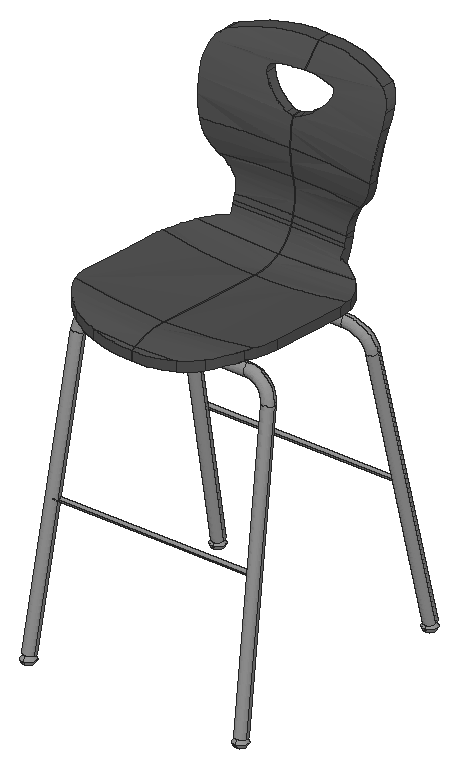
Revit family "Method Stool 28", category Furniture, Revit 2020
Family settings
  OmniClass Number = 23.40.20.00
  OmniClass Title = General Furniture and Specialties
  Work Plane-Based = No
  Always vertical = Yes
  Cut with Voids When Loaded = No
  Shared = No
  Room Calculation Point = No
Parameters
  UK Secondary Seat Count = 1
  UK Primary Seat Count = 1
  Shell Finish [instance] = Chair, Method, Black
  Model = "METHOD-28"
  HS Seat Count = 1
  Frame = Frame, Chrome
  ES Seat Count = 1
  Default Elevation = 0' - 0"
  Cost = 1
Reference planes (in)
  plane 1 "Center Front/Back": y = 0
  plane 2: z = 0
  plane 3 "Center Left/Right": x = 0
Forms (in)
  Sweep 1, solid, material "Frame, Chrome" <- "Frame"
    path origin (0, -7.69148, 12.65713) x (1, 0, 0) y (0, 0.171894, 0.985115)
      loop
        line (-9.125, -12.19302) -> (-8.19273, 11.65993)
        arc (-8.19273, 11.65993) -> (-7.56369, 12.98773) -> (-6.19713, 13.52742) r 2
        line (-6.19713, 13.52742) -> (6.19713, 13.52742)
        arc (6.19713, 13.52742) -> (7.56369, 12.98773) -> (8.19273, 11.65993) r 2
        line (8.19273, 11.65993) -> (9.125, -12.26551)
    profile origin (-8.65887, -7.7373, 12.39456) x (-0.999237, 0.006713, 0.038473) y (0, -0.985115, 0.171894)
      loop
        circle (0, 0) r 0.5
  Sweep 2, solid, material "Frame, Chrome" <- "Frame"
    path origin (0, 8.04601, 11.91985) x (1, 0, 0) y (0, -0.21435, 0.976757)
      loop
        line (-9.12858, -11.57122) -> (-8.19273, 11.65993)
        arc (-8.19273, 11.65993) -> (-7.56369, 12.98773) -> (-6.19713, 13.52742) r 2
        line (-6.19713, 13.52742) -> (6.19713, 13.52742)
        arc (6.19713, 13.52742) -> (7.56369, 12.98773) -> (8.19273, 11.65993) r 2
        line (8.19273, 11.65993) -> (9.13739, -11.57087)
    profile origin (-8.66066, 8.0365, 11.96318) x (-0.99919, -0.008628, 0.039316) y (0, -0.976757, -0.21435)
      loop
        circle (0, 0) r 0.5
  Extrusion 3, solid, material "Frame, Chrome" <- "Frame"
    sketch origin (0, -0.35792, 12.68455) x (0, 1, 0) y (0, 0, 1)
      loop
        line (-5.13786, 13.03186) -> (5.32219, 12.11672) -> (5.52121, 14.39154) -> (-4.98534, 14.7752) -> (-5.13786, 13.03186)
    from -4.1518 to 4.154
  Revolve 4, solid, material "Frame, Chrome" <- "Frame"
    sketch origin (-9.125, -1.16118, 0.00175) x (0, 1, 0) y (0, 0, 1)
      loop
        line (-8.6932, 0.76334) -> (-8.84328, 0.76334) -> (-8.84328, 0.5686) -> (-8.96483, 0.5686) -> (-9.28733, 0.24609) -> (-9.14525, 0) -> (-8.6932, 0) -> (-8.6932, 0.76334)
      axis (-8.6932, 0.76334) -> (-8.6932, 0)
    angle from 0 to 360
  Revolve 5, solid, material "Frame, Chrome" <- "Frame"
    sketch origin (-9.125, 19.22429, 0) x (0, 1, 0) y (0, 0, 1)
      loop
        line (-8.6932, 0.76334) -> (-8.84328, 0.76334) -> (-8.84328, 0.5686) -> (-8.96483, 0.5686) -> (-9.28733, 0.24609) -> (-9.14525, 0) -> (-8.6932, 0) -> (-8.6932, 0.76334)
      axis (-8.6932, 0.76334) -> (-8.6932, 0)
    angle from 0 to 360
  Revolve 6, solid, material "Frame, Chrome" <- "Frame"
    sketch origin (9.125, -1.16118, 0.00175) x (0, 1, 0) y (0, 0, -1)
      loop
        line (-8.6932, -0.76334) -> (-8.6932, 0) -> (-9.14525, 0) -> (-9.28733, -0.24609) -> (-8.96483, -0.5686) -> (-8.84328, -0.5686) -> (-8.84328, -0.76334) -> (-8.6932, -0.76334)
      axis (-8.6932, -0.76334) -> (-8.6932, 0)
    angle from 0 to 360
  Revolve 7, solid, material "Frame, Chrome" <- "Frame"
    sketch origin (9.125, 19.22429, 0) x (0, 1, 0) y (0, 0, -1)
      loop
        line (-8.6932, -0.76334) -> (-8.6932, 0) -> (-9.14525, 0) -> (-9.28733, -0.24609) -> (-8.96483, -0.5686) -> (-8.84328, -0.5686) -> (-8.84328, -0.76334) -> (-8.6932, -0.76334)
      axis (-8.6932, -0.76334) -> (-8.6932, 0)
    angle from 0 to 360
  Extrusion 8, solid, material "Frame, Chrome" <- "Frame"
    sketch origin (0, -7.75, 12) x (0, 1, 0) y (0, 0, 1)
      loop
        circle (0, 0) r 0.1875
    from -8.72489 to 8.5
  Extrusion 9, solid, material "Frame, Chrome" <- "Frame"
    sketch origin (0, 8.5, 12) x (0, 1, 0) y (0, 0, 1)
      loop
        circle (0, 0) r 0.1875
    from -8.72489 to 8.5
  Extrusion 10, void
    sketch origin (0, -0.35792, 13.10982) x (1, 0, 0) y (0, 0, 1)
      loop
        arc (-4.79112, 17.33786) -> (-4.84672, 18.0392) -> (-5.09374, 18.69794) r 2.52397
        arc (-5.09374, 18.69794) -> (-5.54107, 19.37935) -> (-6.09402, 19.97823) r 4.95679
        arc (-6.09402, 19.97823) -> (-6.92367, 21.07062) -> (-7.31977, 22.38391) r 3.86696
        arc (-7.31977, 22.38391) -> (-7.60045, 24.32354) -> (-7.76788, 26.27621) r 33.69585
        arc (-7.76788, 26.27621) -> (-7.7593, 26.8329) -> (-7.67108, 27.38262) r 3.87729
        arc (-7.67108, 27.38262) -> (-7.28239, 28.14164) -> (-6.58485, 28.63219) r 1.77705
        arc (-6.58485, 28.63219) -> (-3.31926, 29.2428) -> (0, 29.38221) r 23.27258
        line (0, 29.38221) -> (0, 31.88221) -> (-9.5, 31.88221) -> (-9.5, 16.58786) -> (-4.79112, 16.58786) -> (-4.79112, 17.33786)
      loop
        arc (0, 27.69383) -> (-1.24383, 27.64776) -> (-2.47676, 27.47715) r 12.39148
        arc (-2.47676, 27.47715) -> (-2.79038, 27.25165) -> (-2.81978, 26.86649) r 0.45769
        arc (-2.81978, 26.86649) -> (-1.84704, 25.6642) -> (-0.52107, 24.86826) r 4.44213
        arc (-0.52107, 24.86826) -> (-0.26495, 24.79528) -> (0, 24.76829) r 1.51422
        line (0, 24.76829) -> (0, 27.69383)
    from -16.8156 to 12
  Sweep 11, solid, material "Chair, Method, Black" <- "Shell Finish"
    path origin (0, -0.78145, 13.38033) x (0, 1, 0) y (0, 0, 1)
      loop
        line (11.88386, 31.76166) -> (10.1126, 29.9904)
        arc (10.1126, 29.9904) -> (7.47395, 26.4626) -> (6.54823, 22.15552) r 10.31318
        arc (6.54823, 22.15552) -> (6.64071, 20.81342) -> (6.90709, 19.49477) r 10.31318
        arc (6.90709, 19.49477) -> (7.06423, 18.29655) -> (6.89799, 17.09956) r 4.51602
    profile origin (0, 6.6925, 39.84293) x (0, 0.910232, -0.414098) y (1, 0, 0)
      loop
        line (0.24754, -9.04751) -> (1.01101, -9.04751)
        arc (1.01101, -9.04751) -> (1.64574, -4.54353) -> (1.85794, 0) r 48.75
        line (1.85794, 0) -> (1.10794, 0)
        arc (1.10794, 0) -> (0.89235, -4.54416) -> (0.24754, -9.04751) r 48
  Sweep 12, solid, material "Chair, Method, Black" <- "Shell Finish"
    path origin (0, -0.8984, 12.98696) x (0, 1, 0) y (0, 0, 1)
      loop
        line (7.02686, 17.54793) -> (6.88887, 17.06735)
        arc (6.88887, 17.06735) -> (6.85505, 16.95509) -> (6.81833, 16.84375) r 4.51602
        arc (6.81833, 16.84375) -> (6.50534, 16.2905) -> (6.01485, 15.8862) r 1.7437
        arc (6.01485, 15.8862) -> (5.06343, 15.53995) -> (4.05159, 15.50458) r 3.23677
        arc (4.05159, 15.50458) -> (-0.81634, 15.77589) -> (-5.67466, 16.18471) r 172.44005
        arc (-5.67466, 16.18471) -> (-7.56583, 16.11239) -> (-9.36769, 15.53353) r 6.96363
        line (-9.36769, 15.53353) -> (-12.40379, 14.07756)
    profile origin (0, 5.95665, 29.94205) x (0, 0.953673, -0.300847) y (1, 0, 0)
      loop
        line (0.24754, -9.04751) -> (1.01101, -9.04751)
        arc (1.01101, -9.04751) -> (1.64574, -4.54353) -> (1.85794, 0) r 48.75
        line (1.85794, 0) -> (1.10794, 0)
        arc (1.10794, 0) -> (0.89235, -4.54416) -> (0.24754, -9.04751) r 48
  Extrusion 13, void
    sketch origin (0, -0.23034, 12.68455) x (1, 0, 0) y (0, 1, 0)
      loop
        arc (0, -9.90335) -> (-1.82118, -9.84301) -> (-3.62517, -9.58618) r 16.83402
        arc (-3.62517, -9.58618) -> (-4.57359, -9.33024) -> (-5.47853, -8.94802) r 7.22609
        arc (-5.47853, -8.94802) -> (-6.60657, -8.13153) -> (-7.42307, -7.00348) r 4.40117
        arc (-7.42307, -7.00348) -> (-7.89284, -5.72215) -> (-8.05474, -4.36706) r 5.88299
        line (-8.05474, -4.36706) -> (-8.05474, 2.49544)
        arc (-8.05474, 2.49544) -> (-7.96682, 3.15585) -> (-7.85128, 3.81199) r 15.87591
        arc (-7.85128, 3.81199) -> (-7.39087, 4.94613) -> (-6.54205, 5.82802) r 3.235
        arc (-6.54205, 5.82802) -> (-5.70351, 6.31127) -> (-4.79112, 6.63408) r 5.30352
        line (-4.79112, 6.63408) -> (-4.79112, 12.04462) -> (-11, 12.04462) -> (-11, -13.90335) -> (0, -13.90335) -> (0, -9.90335)
    from 10.29564 to 20.52963
  Extrusion 14, void
    sketch origin (0, -0.35792, 13.10982) x (-1, 0, 0) y (0, 0, -1)
      loop
        line (-4.79112, -17.33786) -> (-4.79112, -16.58786) -> (-9.5, -16.58786) -> (-9.5, -31.88221) -> (0, -31.88221) -> (0, -29.38221)
        arc (0, -29.38221) -> (-3.31926, -29.2428) -> (-6.58485, -28.63219) r 23.27258
        arc (-6.58485, -28.63219) -> (-7.28239, -28.14164) -> (-7.67108, -27.38262) r 1.77705
        arc (-7.67108, -27.38262) -> (-7.7593, -26.8329) -> (-7.76788, -26.27621) r 3.87729
        arc (-7.76788, -26.27621) -> (-7.60045, -24.32354) -> (-7.31977, -22.38391) r 33.69585
        arc (-7.31977, -22.38391) -> (-6.92367, -21.07062) -> (-6.09402, -19.97823) r 3.86696
        arc (-6.09402, -19.97823) -> (-5.54107, -19.37935) -> (-5.09374, -18.69794) r 4.95679
        arc (-5.09374, -18.69794) -> (-4.84672, -18.0392) -> (-4.79112, -17.33786) r 2.52397
      loop
        line (0, -27.69383) -> (0, -24.76829)
        arc (0, -24.76829) -> (-0.26495, -24.79528) -> (-0.52107, -24.86826) r 1.51422
        arc (-0.52107, -24.86826) -> (-1.84704, -25.6642) -> (-2.81978, -26.86649) r 4.44213
        arc (-2.81978, -26.86649) -> (-2.79038, -27.25165) -> (-2.47676, -27.47715) r 0.45769
        arc (-2.47676, -27.47715) -> (-1.24383, -27.64776) -> (0, -27.69383) r 12.39148
    from -16.8156 to 12
  Sweep 15, solid, material "Chair, Method, Black" <- "Shell Finish"
    path origin (0, -0.78145, 13.38033) x (0, 1, 0) y (0, 0, -1)
      loop
        line (11.88386, -31.76166) -> (10.1126, -29.9904)
        arc (10.1126, -29.9904) -> (7.47395, -26.4626) -> (6.54823, -22.15552) r 10.31318
        arc (6.54823, -22.15552) -> (6.64071, -20.81342) -> (6.90709, -19.49477) r 10.31318
        arc (6.90709, -19.49477) -> (7.06423, -18.29655) -> (6.89799, -17.09956) r 4.51602
    profile origin (0, 6.6925, 39.84293) x (0, -0.910232, 0.414098) y (-1, 0, 0)
      loop
        arc (-0.24754, -9.04751) -> (-0.89235, -4.54416) -> (-1.10794, 0) r 48
        line (-1.10794, 0) -> (-1.85794, 0)
        arc (-1.85794, 0) -> (-1.64574, -4.54353) -> (-1.01101, -9.04751) r 48.75
        line (-1.01101, -9.04751) -> (-0.24754, -9.04751)
  Sweep 16, solid, material "Chair, Method, Black" <- "Shell Finish"
    path origin (0, -0.8984, 12.98696) x (0, 1, 0) y (0, 0, -1)
      loop
        line (7.02686, -17.54793) -> (6.88887, -17.06735)
        arc (6.88887, -17.06735) -> (6.85505, -16.95509) -> (6.81833, -16.84375) r 4.51602
        arc (6.81833, -16.84375) -> (6.50534, -16.2905) -> (6.01485, -15.8862) r 1.7437
        arc (6.01485, -15.8862) -> (5.06343, -15.53995) -> (4.05159, -15.50458) r 3.23677
        arc (4.05159, -15.50458) -> (-0.81634, -15.77589) -> (-5.67466, -16.18471) r 172.44005
        arc (-5.67466, -16.18471) -> (-7.56583, -16.11239) -> (-9.36769, -15.53353) r 6.96363
        line (-9.36769, -15.53353) -> (-12.40379, -14.07756)
    profile origin (0, 5.95665, 29.94205) x (0, -0.953673, 0.300847) y (-1, 0, 0)
      loop
        arc (-0.24754, -9.04751) -> (-0.89235, -4.54416) -> (-1.10794, 0) r 48
        line (-1.10794, 0) -> (-1.85794, 0)
        arc (-1.85794, 0) -> (-1.64574, -4.54353) -> (-1.01101, -9.04751) r 48.75
        line (-1.01101, -9.04751) -> (-0.24754, -9.04751)
  Extrusion 17, void
    sketch origin (0, -0.23034, 12.68455) x (-1, 0, 0) y (0, -1, 0)
      loop
        line (0, 9.90335) -> (0, 13.90335) -> (-11, 13.90335) -> (-11, -12.04462) -> (-4.79112, -12.04462) -> (-4.79112, -6.63408)
        arc (-4.79112, -6.63408) -> (-5.70351, -6.31127) -> (-6.54205, -5.82802) r 5.30352
        arc (-6.54205, -5.82802) -> (-7.39087, -4.94613) -> (-7.85128, -3.81199) r 3.235
        arc (-7.85128, -3.81199) -> (-7.96682, -3.15585) -> (-8.05474, -2.49544) r 15.87591
        line (-8.05474, -2.49544) -> (-8.05474, 4.36706)
        arc (-8.05474, 4.36706) -> (-7.89284, 5.72215) -> (-7.42307, 7.00348) r 5.88299
        arc (-7.42307, 7.00348) -> (-6.60657, 8.13153) -> (-5.47853, 8.94802) r 4.40117
        arc (-5.47853, 8.94802) -> (-4.57359, 9.33024) -> (-3.62517, 9.58618) r 7.22609
        arc (-3.62517, 9.58618) -> (-1.82118, 9.84301) -> (0, 9.90335) r 16.83402
    from 10.29564 to 20.52963
  Extrusion 18, void
    sketch origin (0, -0.23034, 12.68455) x (-1, 0, 0) y (0, -1, 0)
      loop
        line (0, 9.90335) -> (0, 13.90335) -> (-11, 13.90335) -> (-11, -12.04462) -> (-4.79112, -12.04462) -> (-4.79112, -6.63408)
        arc (-4.79112, -6.63408) -> (-5.70351, -6.31127) -> (-6.54205, -5.82802) r 5.30352
        arc (-6.54205, -5.82802) -> (-7.39087, -4.94613) -> (-7.85128, -3.81199) r 3.235
        arc (-7.85128, -3.81199) -> (-7.96682, -3.15585) -> (-8.05474, -2.49544) r 15.87591
        line (-8.05474, -2.49544) -> (-8.05474, 4.36706)
        arc (-8.05474, 4.36706) -> (-7.89284, 5.72215) -> (-7.42307, 7.00348) r 5.88299
        arc (-7.42307, 7.00348) -> (-6.60657, 8.13153) -> (-5.47853, 8.94802) r 4.40117
        arc (-5.47853, 8.94802) -> (-4.57359, 9.33024) -> (-3.62517, 9.58618) r 7.22609
        arc (-3.62517, 9.58618) -> (-1.82118, 9.84301) -> (0, 9.90335) r 16.83402
    from 10.29564 to 20.52963
Cuts and joins
  Extrusion 10 cuts Sweep 1
  Extrusion 10 cuts Sweep 2
  Extrusion 10 cuts Extrusion 3
  Extrusion 10 cuts Sweep 11
  Extrusion 10, Extrusion 13 cuts Sweep 12
  Extrusion 10, Extrusion 14 cuts Sweep 15
  Extrusion 13 cuts Extrusion 8
  Extrusion 13 cuts Extrusion 9
  Extrusion 13, Extrusion 18 cuts Sweep 16
Dimensions and locks (in)
  aligned and locked: level to plane 2
